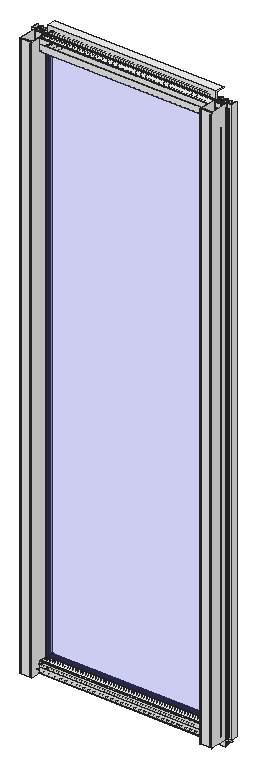
Revit family "Facade_60_Curtain_Wall_S11_Custom", category Windows, host Wall, Revit 2014 (continued)
Definition of nested family "F60 Vertical Profile Side_S11_Cust"
  Automatic sketch dimensions
    Extrusion 11 sketch curve to Extrusion 11 sketch curve = 1.079 mm
    Extrusion 11 sketch curve to Extrusion 11 sketch curve = 1.317 mm  (x2)
    Extrusion 11 sketch curve to Extrusion 11 sketch curve = 0 mm  (x3)
    plane 3 "Center (Left/Right)" to Extrusion 11 sketch curve = 3.85 mm
    Extrusion 11 sketch curve to Extrusion 11 sketch curve = 0.15 mm  (x2)
    Extrusion 11 sketch curve to Extrusion 11 sketch curve = 26 mm  (x2)
    Extrusion 11 sketch curve to Extrusion 11 sketch curve = 1.05 mm
    Extrusion 11 sketch curve to Extrusion 11 sketch curve = 0.707 mm
    Extrusion 11 sketch curve to Extrusion 11 sketch curve = 0.433 mm
    plane 1 "Center (Front/Back)" to Extrusion 11 sketch curve = 31.288 mm
    plane 1 "Center (Front/Back)" to Extrusion 11 sketch curve = 28.065 mm
    Extrusion 11 sketch curve to Extrusion 11 sketch curve = 1.314 mm
    Extrusion 11 sketch curve to Extrusion 11 sketch curve = 0.65 mm
    Extrusion 11 sketch curve to Extrusion 11 sketch curve = 0.5 mm  (x2)
    plane 1 "Center (Front/Back)" to Extrusion 11 sketch curve = 32.75 mm
    Extrusion 11 sketch curve to Extrusion 11 sketch curve = 0.1 mm  (x3)
    Extrusion 11 sketch curve to Extrusion 11 sketch curve = 1.1 mm  (x2)
    Extrusion 11 sketch curve to Extrusion 11 sketch curve = 8.608 mm
    Extrusion 11 sketch curve to Extrusion 11 sketch curve = 0.962 mm
    Extrusion 12 sketch curve to plane 3 "Center (Left/Right)" = 21.349 mm
    Extrusion 12 sketch curve to Extrusion 12 sketch curve = 6.35 mm
    plane 3 "Center (Left/Right)" to Extrusion 12 sketch curve = 10.403 mm
    plane 1 "Center (Front/Back)" to Extrusion 12 sketch curve = 35.567 mm
    plane 1 "Center (Front/Back)" to Extrusion 12 sketch curve = 10.171 mm
    plane 1 "Center (Front/Back)" to Extrusion 12 sketch curve = 3.821 mm
    Extrusion 13 sketch curve to plane 3 "Center (Left/Right)" = 21.35 mm
    Extrusion 13 sketch curve to Extrusion 13 sketch curve = 6.35 mm
    plane 3 "Center (Left/Right)" to Extrusion 13 sketch curve = 10.402 mm
    plane 1 "Center (Front/Back)" to Extrusion 13 sketch curve = 33.172 mm
    plane 1 "Center (Front/Back)" to Extrusion 13 sketch curve = 7.775 mm
    plane 1 "Center (Front/Back)" to Extrusion 13 sketch curve = 1.425 mm
    Extrusion 14 sketch curve to plane 3 "Center (Left/Right)" = 0 mm
    plane 3 "Center (Left/Right)" to Extrusion 14 sketch curve = 1.2 mm
    Extrusion 14 sketch curve to Extrusion 14 sketch curve = 9.6 mm
    Extrusion 14 sketch curve to Extrusion 14 sketch curve = 1.2 mm  (x3)
    plane 1 "Center (Front/Back)" to Extrusion 14 sketch curve = 25.775 mm
    plane 1 "Center (Front/Back)" to Extrusion 14 sketch curve = 8.975 mm
    curve 4 to Extrusion 6 = 0 mm
    curve 3 to Extrusion 6 = 0 mm
    curve 1 to Extrusion 6 = 0 mm
    curve 4 to Extrusion 6 = 3.6 mm
    curve 3 to Extrusion 6 = 3.6 mm
    curve 1 to Extrusion 6 = 3.6 mm
    Extrusion 6 to curve 2 = 1 mm
    Extrusion 6 to curve 5 = 1 mm
    Extrusion 6 to curve 6 = 1 mm
    curve 6 to Extrusion 6 = 1 mm
    curve 5 to Extrusion 6 = 1 mm
    curve 2 to Extrusion 6 = 1 mm
    curve 9 to Extrusion 6 = 0 mm
    curve 8 to Extrusion 6 = 0 mm
    curve 7 to Extrusion 6 = 0 mm
    Extrusion 6 to curve 8 = 3.6 mm
    Extrusion 6 to curve 9 = 3.6 mm
    Extrusion 6 to curve 7 = 3.6 mm
    curve 12 to Extrusion 5 = 25.894 mm
    curve 11 to Extrusion 5 = 25.894 mm
    curve 10 to Extrusion 5 = 25.894 mm
    curve 10 to Extrusion 5 = 0.108 mm
    Extrusion 5 to curve 12 = 0.703 mm
    Extrusion 5 to curve 11 = 0.703 mm
    curve 13 to Extrusion 5 = 4 mm
    curve 14 to Extrusion 5 = 4 mm
    curve 15 to Extrusion 5 = 4 mm
    Extrusion 5 to curve 15 = 0.702 mm
    Extrusion 5 to curve 14 = 0.702 mm
    Extrusion 5 to curve 13 = 0.702 mm
    curve 18 to Extrusion 7 = 0 mm
    curve 17 to Extrusion 7 = 0 mm
    curve 16 to Extrusion 7 = 0 mm
    Extrusion 7 to curve 17 = 3.6 mm
    Extrusion 7 to curve 18 = 3.6 mm
    Extrusion 7 to curve 16 = 3.6 mm
    Extrusion 7 to curve 21 = 1 mm  (x2)
    Extrusion 7 to curve 20 = 1 mm  (x2)
    Extrusion 7 to curve 19 = 1 mm  (x2)
    curve 24 to Extrusion 7 = 0 mm
    curve 23 to Extrusion 7 = 0 mm
    curve 22 to Extrusion 7 = 0 mm
    curve 24 to Extrusion 7 = 3.6 mm
    curve 23 to Extrusion 7 = 3.6 mm
    curve 22 to Extrusion 7 = 3.6 mm
    curve 27 to Extrusion 8 = 0 mm
    curve 26 to Extrusion 8 = 0 mm
    curve 25 to Extrusion 8 = 0 mm
    Extrusion 8 to curve 26 = 3.6 mm
    Extrusion 8 to curve 27 = 3.6 mm
    Extrusion 8 to curve 25 = 3.6 mm
    Extrusion 8 to curve 30 = 0.221 mm
    Extrusion 8 to curve 29 = 0.221 mm
    Extrusion 8 to curve 28 = 0.221 mm
    curve 29 to Extrusion 8 = 0.222 mm
    curve 30 to Extrusion 8 = 0.222 mm
    curve 28 to Extrusion 8 = 0.222 mm
    curve 33 to Extrusion 8 = 0 mm
    curve 32 to Extrusion 8 = 0 mm
    curve 31 to Extrusion 8 = 0 mm
    curve 33 to Extrusion 8 = 3.6 mm
    curve 32 to Extrusion 8 = 3.6 mm
    curve 31 to Extrusion 8 = 3.6 mm
    curve 34 to Extrusion 11 = 4.016 mm
    curve 35 to Extrusion 11 = 4.016 mm
    curve 36 to Extrusion 11 = 3.97 mm
    Extrusion 11 to curve 36 = 0.637 mm
    Extrusion 11 to curve 35 = 0.637 mm
    Extrusion 11 to curve 34 = 0.637 mm
    curve 37 to Extrusion 11 = 29.221 mm
    curve 38 to Extrusion 11 = 29.221 mm
    curve 39 to Extrusion 11 = 29.221 mm
    Extrusion 11 to curve 39 = 3.222 mm
    Extrusion 11 to curve 38 = 3.222 mm
    Extrusion 11 to curve 37 = 3.222 mm
Definition of nested family "F60 Horizontal Profile Top_S11_Cust"
  Parameters (values of type "F60 Horizontal Profile Top")
    Thermal Break Material [instance] = none
    Single Glazing [instance] = yes
    Profile Material [instance] = none
    Length [instance] = 250 mm
    Double Glazing [instance] = yes
  Reference planes
    plane 1 "Center (Front/Back)": y = 0
    plane 2: z = 0
    plane 3 "Center (Left/Right)": x = 0
  Forms (mm)
    Extrusion 1, solid, material <- "Profile Material"
      sketch origin (0, 0, 0) x (0, 1, 0) y (0, 0, 1)
        loop
          line (-9.94, 7.845) -> (-8.37, 6.275) -> (-1.2, 10.415) -> (-1.2, 1.2) -> (-5, 1.2) -> (-5, 0) -> (-1, 0)
          arc (-1, 0) -> (-0.293, 0.293) -> (0, 1) r 1
          line (0, 1) -> (0, 30) -> (0, 59)
          arc (0, 59) -> (-0.293, 59.707) -> (-1, 60) r 1
          line (-1, 60) -> (-5, 60) -> (-5, 58.8) -> (-1.2, 58.8) -> (-1.2, 49.585) -> (-8.37, 53.725) -> (-9.94, 52.155)
          arc (-9.94, 52.155) -> (-9.902, 51.269) -> (-9.016, 51.232) r 0.655
          line (-9.016, 51.232) -> (-8.077, 52.17) -> (-1.2, 48.2) -> (-1.2, 30) -> (-1.2, 11.8) -> (-8.077, 7.83) -> (-9.016, 8.768)
          arc (-9.016, 8.768) -> (-9.902, 8.731) -> (-9.94, 7.845) r 0.655
      from 0 to 250 <- "Length"
    Extrusion 2, solid, material <- "Profile Material"
      sketch origin (0, 0, 0) x (0, 1, 0) y (0, 0, 1)
        loop
          line (-5, 60) -> (-44.6, 60) -> (-44.6, 58.35) -> (-39.944, 58.35) -> (-39.944, 1.65) -> (-44.6, 1.65) -> (-44.6, 0) -> (-5, 0) -> (-5, 2.2) -> (-4.2, 2.2) -> (-4.2, 3.018)
          arc (-4.2, 3.018) -> (-4.352, 3.783) -> (-4.786, 4.432) r 2
          line (-4.786, 4.432) -> (-7.054, 6.7) -> (-8, 6.489) -> (-8, 5.7) -> (-7.205, 5.7) -> (-7.205, 2.95) -> (-8, 2.95) -> (-8, 1.95) -> (-12.752, 1.95) -> (-12.752, 6.7) -> (-14.152, 6.7) -> (-14.152, 1.65) -> (-38.65, 1.65) -> (-38.65, 8.33) -> (-37.097, 8.33) -> (-34.666, 6.973)
          arc (-34.666, 6.973) -> (-33.846, 7.192) -> (-34.066, 8.012) r 0.6
          line (-34.066, 8.012) -> (-37.128, 9.78) -> (-38.65, 9.78) -> (-38.65, 12.65) -> (-37.6, 13.7) -> (-37.6, 20.3) -> (-38.65, 21.35) -> (-38.65, 38.65) -> (-37.6, 39.7) -> (-37.6, 46.3) -> (-38.65, 47.35) -> (-38.65, 50.22) -> (-37.128, 50.22) -> (-34.066, 51.988)
          arc (-34.066, 51.988) -> (-33.846, 52.808) -> (-34.666, 53.027) r 0.6
          line (-34.666, 53.027) -> (-37.032, 51.661) -> (-38.65, 51.661) -> (-38.65, 58.35) -> (-14.152, 58.35) -> (-14.152, 53.3) -> (-12.752, 53.3) -> (-12.752, 58.05) -> (-8, 58.05) -> (-8, 57.05) -> (-7.205, 57.05) -> (-7.205, 54.3) -> (-8, 54.3) -> (-8, 53.511) -> (-7.054, 53.3) -> (-4.786, 55.568)
          arc (-4.786, 55.568) -> (-4.352, 56.217) -> (-4.2, 56.982) r 2
          line (-4.2, 56.982) -> (-4.2, 57.8) -> (-5, 57.8) -> (-5, 60)
      from 0 to 250 <- "Length"
    Extrusion 3, solid, material <- "Thermal Break Material"
      sketch origin (0, 0, 0) x (0, 1, 0) y (0, 0, 1)
        loop
          line (-40, 1.75) -> (-40, 30) -> (-40, 58.25) -> (-44.6, 58.25) -> (-44.6, 60) -> (-45.9, 60) -> (-45.9, 53.65) -> (-41.788, 53.65)
          arc (-41.788, 53.65) -> (-41.363, 53.474) -> (-41.187, 53.05) r 0.6
          line (-41.187, 53.05) -> (-41.187, 30) -> (-41.187, 6.95)
          arc (-41.187, 6.95) -> (-41.363, 6.526) -> (-41.788, 6.35) r 0.6
          line (-41.788, 6.35) -> (-45.9, 6.35) -> (-45.9, 0) -> (-44.6, 0) -> (-44.6, 1.75) -> (-40, 1.75)
      from 0 to 250 <- "Length"
    Extrusion 4, solid, material <- "Profile Material"
      sketch origin (0, 0, 0) x (0, 1, 0) y (0, 0, 1)
        loop
          line (-58.5, 25.249) -> (-43.6, 25.249)
          arc (-43.6, 25.249) -> (-43.034, 25.015) -> (-42.8, 24.449) r 0.8
          line (-42.8, 24.449) -> (-42.8, 7.9) -> (-44.4, 7.9) -> (-44.4, 9.45) -> (-45.25, 9.45)
          arc (-45.25, 9.45) -> (-45.674, 9.274) -> (-45.85, 8.85) r 0.6
          line (-45.85, 8.85) -> (-45.85, 7.9) -> (-48.8, 7.9)
          arc (-48.8, 7.9) -> (-49.3, 8.4) -> (-49.8, 7.9) r 0.5
          line (-49.8, 7.9) -> (-49.8, 5.55) -> (-48.65, 5.55) -> (-48.65, 6.7) -> (-47.35, 6.7) -> (-47.35, 1.2) -> (-48.65, 1.2) -> (-48.65, 2.35) -> (-49.8, 2.35) -> (-49.8, 0.5)
          arc (-49.8, 0.5) -> (-49.654, 0.146) -> (-49.3, 0) r 0.5
          line (-49.3, 0) -> (-45.9, 0) -> (-45.9, 6.45) -> (-42.2, 6.45)
          arc (-42.2, 6.45) -> (-41.634, 6.684) -> (-41.4, 7.25) r 0.8
          line (-41.4, 7.25) -> (-41.4, 30) -> (-41.4, 52.75)
          arc (-41.4, 52.75) -> (-41.634, 53.316) -> (-42.2, 53.55) r 0.8
          line (-42.2, 53.55) -> (-45.9, 53.55) -> (-45.9, 60) -> (-49.3, 60)
          arc (-49.3, 60) -> (-49.654, 59.854) -> (-49.8, 59.5) r 0.5
          line (-49.8, 59.5) -> (-49.8, 57.65) -> (-48.65, 57.65) -> (-48.65, 58.8) -> (-47.35, 58.8) -> (-47.35, 53.3) -> (-48.65, 53.3) -> (-48.65, 54.45) -> (-49.8, 54.45) -> (-49.8, 52.1)
          arc (-49.8, 52.1) -> (-49.3, 51.6) -> (-48.8, 52.1) r 0.5
          line (-48.8, 52.1) -> (-45.85, 52.1) -> (-45.85, 51.15)
          arc (-45.85, 51.15) -> (-45.674, 50.726) -> (-45.25, 50.55) r 0.6
          line (-45.25, 50.55) -> (-44.4, 50.55) -> (-44.4, 52.1) -> (-42.8, 52.1) -> (-42.8, 35.551)
          arc (-42.8, 35.551) -> (-43.034, 34.985) -> (-43.6, 34.751) r 0.8
          line (-43.6, 34.751) -> (-58.5, 34.751)
          arc (-58.5, 34.751) -> (-59.066, 34.516) -> (-59.3, 33.951) r 0.8
          line (-59.3, 33.951) -> (-59.3, 32.902) -> (-42.8, 32.902) -> (-42.8, 27.1) -> (-59.3, 27.1) -> (-59.3, 26.049)
          arc (-59.3, 26.049) -> (-59.066, 25.484) -> (-58.5, 25.249) r 0.8
      from 0 to 250 <- "Length"
    Extrusion 5, solid, material <- "Thermal Break Material", visible <- "Single Glazing"
      sketch origin (0, 0, 0) x (0, 1, 0) y (0, 0, 1)
        loop
          arc (-63.8, 25.751) -> (-63.654, 25.397) -> (-63.3, 25.251) r 0.5
          line (-63.3, 25.251) -> (-59.8, 25.251)
          arc (-59.8, 25.251) -> (-59.446, 25.397) -> (-59.3, 25.751) r 0.5
          line (-59.3, 25.751) -> (-59.3, 27.648) -> (-49.599, 27.648) -> (-47.528, 28.651)
          arc (-47.528, 28.651) -> (-46.803, 30.001) -> (-47.528, 31.351) r 1.62
          line (-47.528, 31.351) -> (-49.599, 32.353) -> (-59.3, 32.353) -> (-59.3, 34.251)
          arc (-59.3, 34.251) -> (-59.446, 34.604) -> (-59.8, 34.751) r 0.5
          line (-59.8, 34.751) -> (-63.3, 34.751)
          arc (-63.3, 34.751) -> (-63.654, 34.604) -> (-63.8, 34.251) r 0.5
          line (-63.8, 34.251) -> (-63.8, 32.328) -> (-62.4, 31.52) -> (-62.4, 28.483) -> (-63.8, 27.673) -> (-63.8, 25.751)
        loop
          line (-59.794, 28.506) -> (-59.006, 29.294)
          arc (-59.006, 29.294) -> (-58.788, 29.618) -> (-58.713, 30.001) r 0.986
          arc (-58.713, 30.001) -> (-58.79, 30.384) -> (-59.008, 30.71) r 1.007
          line (-59.008, 30.71) -> (-59.794, 31.496) -> (-60.65, 31.496)
          arc (-60.65, 31.496) -> (-61.004, 31.349) -> (-61.15, 30.996) r 0.5
          line (-61.15, 30.996) -> (-61.15, 29.006)
          arc (-61.15, 29.006) -> (-61.004, 28.652) -> (-60.65, 28.506) r 0.5
          line (-60.65, 28.506) -> (-59.794, 28.506)
        loop
          line (-47.854, 30.898) -> (-49.415, 31.653) -> (-56.782, 31.653)
          arc (-56.782, 31.653) -> (-57.207, 31.417) -> (-57.23, 30.932) r 0.5
          arc (-57.23, 30.932) -> (-57.013, 30.001) -> (-57.23, 29.07) r 2.099
          arc (-57.23, 29.07) -> (-57.207, 28.584) -> (-56.782, 28.348) r 0.5
          line (-56.782, 28.348) -> (-49.415, 28.348) -> (-48.055, 29.007)
          arc (-48.055, 29.007) -> (-47.35, 29.888) -> (-47.854, 30.898) r 1.047
      from 0 to 250 <- "Length"
    Extrusion 6, solid, material <- "Profile Material", visible <- "Single Glazing"
      sketch origin (0, 0, 0) x (0, 1, 0) y (0, 0, 1)
        loop
          line (-63.8, 52.694) -> (-64.8, 52.694) -> (-64.8, 51.544) -> (-66.05, 51.544) -> (-66.05, 57.044) -> (-64.8, 57.044) -> (-64.8, 55.894) -> (-63.8, 55.894) -> (-63.8, 58.294)
          arc (-63.8, 58.294) -> (-64.082, 58.803) -> (-64.664, 58.835) r 0.6
          line (-64.664, 58.835) -> (-66.562, 57.91) -> (-67.088, 58.988) -> (-68.05, 58.519) -> (-68.05, 48.513)
          arc (-68.05, 48.513) -> (-67.874, 48.089) -> (-67.45, 47.913) r 0.6
          line (-67.45, 47.913) -> (-66.6, 47.913) -> (-66.6, 12.09) -> (-67.45, 12.09)
          arc (-67.45, 12.09) -> (-67.874, 11.914) -> (-68.05, 11.49) r 0.6
          line (-68.05, 11.49) -> (-68.05, 1.485) -> (-67.088, 1.016) -> (-66.562, 2.095) -> (-64.663, 1.169)
          arc (-64.663, 1.169) -> (-64.082, 1.2) -> (-63.8, 1.709) r 0.6
          line (-63.8, 1.709) -> (-63.8, 4.109) -> (-64.8, 4.109) -> (-64.8, 2.959) -> (-66.05, 2.959) -> (-66.05, 8.459) -> (-64.8, 8.459) -> (-64.8, 7.309) -> (-63.8, 7.309) -> (-63.8, 27.674) -> (-62.4, 28.483) -> (-62.4, 31.521) -> (-63.8, 32.329) -> (-63.8, 52.694)
      from 0 to 250 <- "Length"
    Extrusion 7, solid, material <- "Profile Material", visible <- "Single Glazing"
      sketch origin (0, 0, 0) x (0, 1, 0) y (0, 0, 1)
        loop
          line (-68.551, 3.3) -> (-76.559, 3.3) -> (-76.559, 30) -> (-76.559, 56.15)
          arc (-76.559, 56.15) -> (-75.739, 58.13) -> (-73.759, 58.95) r 2.8
          line (-73.759, 58.95) -> (-69.151, 58.95) -> (-69.151, 57.2)
          arc (-69.151, 57.2) -> (-68.987, 56.829) -> (-68.601, 56.703) r 0.5
          arc (-68.601, 56.703) -> (-68.216, 56.829) -> (-68.051, 57.2) r 0.5
          line (-68.051, 57.2) -> (-68.051, 58.517) -> (-67.089, 58.986) -> (-66.563, 57.907) -> (-63.866, 59.222)
          arc (-63.866, 59.222) -> (-64.001, 59.762) -> (-64.504, 60) r 0.65
          line (-64.504, 60) -> (-73.859, 60)
          arc (-73.859, 60) -> (-76.687, 58.828) -> (-77.859, 56) r 4
          line (-77.859, 56) -> (-77.859, 30) -> (-77.859, 2.493)
          arc (-77.859, 2.493) -> (-77.197, 0.799) -> (-75.562, 0.002) r 2.5
          arc (-75.562, 0.002) -> (-75.182, 0.132) -> (-75.021, 0.5) r 0.5
          line (-75.021, 0.5) -> (-75.021, 2) -> (-69.151, 2) -> (-69.151, 0.5)
          arc (-69.151, 0.5) -> (-69.005, 0.146) -> (-68.651, 0) r 0.5
          line (-68.651, 0) -> (-64.504, 0)
          arc (-64.504, 0) -> (-64.001, 0.238) -> (-63.866, 0.778) r 0.65
          line (-63.866, 0.778) -> (-66.563, 2.093) -> (-67.089, 1.014) -> (-68.051, 1.483) -> (-68.051, 2.8)
          arc (-68.051, 2.8) -> (-68.198, 3.154) -> (-68.551, 3.3) r 0.5
      from 0 to 250 <- "Length"
    Extrusion 8, solid, material <- "Thermal Break Material", visible <- "Double Glazing"
      sketch origin (0, 0, 0) x (0, 1, 0) y (0, 0, 1)
        loop
          line (-77.8, 27.673) -> (-77.8, 25.751)
          arc (-77.8, 25.751) -> (-77.654, 25.397) -> (-77.3, 25.251) r 0.5
          line (-77.3, 25.251) -> (-59.8, 25.251)
          arc (-59.8, 25.251) -> (-59.446, 25.397) -> (-59.3, 25.751) r 0.5
          line (-59.3, 25.751) -> (-59.3, 27.647) -> (-49.599, 27.647) -> (-47.528, 28.649)
          arc (-47.528, 28.649) -> (-46.803, 29.999) -> (-47.528, 31.349) r 1.62
          line (-47.528, 31.349) -> (-49.602, 32.353) -> (-59.3, 32.353) -> (-59.3, 34.251)
          arc (-59.3, 34.251) -> (-59.446, 34.604) -> (-59.8, 34.751) r 0.5
          line (-59.8, 34.751) -> (-77.3, 34.751)
          arc (-77.3, 34.751) -> (-77.654, 34.604) -> (-77.8, 34.251) r 0.5
          line (-77.8, 34.251) -> (-77.8, 32.327) -> (-76.4, 31.52) -> (-76.4, 28.482) -> (-77.8, 27.673)
        loop
          line (-59.006, 30.708) -> (-61.156, 32.858)
          arc (-61.156, 32.858) -> (-61.48, 33.074) -> (-61.863, 33.151) r 1
          line (-61.863, 33.151) -> (-73.8, 33.151)
          arc (-73.8, 33.151) -> (-74.507, 32.858) -> (-74.8, 32.151) r 1
          line (-74.8, 32.151) -> (-74.8, 27.851)
          arc (-74.8, 27.851) -> (-74.507, 27.144) -> (-73.8, 26.851) r 1
          line (-73.8, 26.851) -> (-61.863, 26.851)
          arc (-61.863, 26.851) -> (-61.48, 26.927) -> (-61.156, 27.144) r 1
          line (-61.156, 27.144) -> (-59.006, 29.294)
          arc (-59.006, 29.294) -> (-58.788, 29.618) -> (-58.713, 30.001) r 0.986
          arc (-58.713, 30.001) -> (-58.79, 30.383) -> (-59.006, 30.708) r 1.007
        loop
          line (-56.782, 28.347) -> (-49.415, 28.347) -> (-48.055, 29.005)
          arc (-48.055, 29.005) -> (-47.35, 29.887) -> (-47.854, 30.896) r 1.047
          line (-47.854, 30.896) -> (-49.415, 31.652) -> (-56.782, 31.652)
          arc (-56.782, 31.652) -> (-57.207, 31.416) -> (-57.23, 30.93) r 0.5
          arc (-57.23, 30.93) -> (-57.013, 29.999) -> (-57.23, 29.068) r 2.099
          arc (-57.23, 29.068) -> (-57.207, 28.583) -> (-56.782, 28.347) r 0.5
      from 0 to 250 <- "Length"
    Extrusion 9, solid, material <- "Profile Material", visible <- "Double Glazing"
      sketch origin (0, 0, 0) x (0, 1, 0) y (0, 0, 1)
        loop
          line (-77.8, 52.694) -> (-78.8, 52.694) -> (-78.8, 51.544) -> (-80.05, 51.544) -> (-80.05, 57.044) -> (-78.8, 57.044) -> (-78.8, 55.894) -> (-77.8, 55.894) -> (-77.8, 58.294)
          arc (-77.8, 58.294) -> (-78.082, 58.802) -> (-78.664, 58.834) r 0.6
          line (-78.664, 58.834) -> (-80.562, 57.909) -> (-81.088, 58.988) -> (-82.05, 58.518) -> (-82.05, 48.512)
          arc (-82.05, 48.512) -> (-81.874, 48.088) -> (-81.45, 47.912) r 0.6
          line (-81.45, 47.912) -> (-80.6, 47.912) -> (-80.6, 12.089) -> (-81.45, 12.089)
          arc (-81.45, 12.089) -> (-81.874, 11.913) -> (-82.05, 11.489) r 0.6
          line (-82.05, 11.489) -> (-82.05, 1.484) -> (-81.088, 1.015) -> (-80.562, 2.094) -> (-78.663, 1.169)
          arc (-78.663, 1.169) -> (-78.082, 1.199) -> (-77.8, 1.708) r 0.6
          line (-77.8, 1.708) -> (-77.8, 4.108) -> (-78.8, 4.108) -> (-78.8, 2.958) -> (-80.05, 2.958) -> (-80.05, 8.458) -> (-78.8, 8.458) -> (-78.8, 7.308) -> (-77.8, 7.308) -> (-77.8, 27.673) -> (-76.4, 28.482) -> (-76.4, 31.52) -> (-77.8, 32.328) -> (-77.8, 52.694)
      from 0 to 250 <- "Length"
    Extrusion 10, solid, material <- "Profile Material", visible <- "Double Glazing"
      sketch origin (0, 0, 0) x (0, 1, 0) y (0, 0, 1)
        loop
          line (-82.551, 3.3) -> (-90.558, 3.3) -> (-90.558, 30) -> (-90.558, 56.15)
          arc (-90.558, 56.15) -> (-89.738, 58.13) -> (-87.758, 58.95) r 2.8
          line (-87.758, 58.95) -> (-83.151, 58.95) -> (-83.151, 57.2)
          arc (-83.151, 57.2) -> (-82.986, 56.829) -> (-82.601, 56.703) r 0.5
          arc (-82.601, 56.703) -> (-82.215, 56.829) -> (-82.051, 57.2) r 0.5
          line (-82.051, 57.2) -> (-82.051, 58.517) -> (-81.088, 58.986) -> (-80.563, 57.907) -> (-77.866, 59.222)
          arc (-77.866, 59.222) -> (-78, 59.762) -> (-78.503, 60) r 0.65
          line (-78.503, 60) -> (-87.858, 60)
          arc (-87.858, 60) -> (-90.687, 58.828) -> (-91.858, 56) r 4
          line (-91.858, 56) -> (-91.858, 30) -> (-91.858, 2.493)
          arc (-91.858, 2.493) -> (-91.196, 0.799) -> (-89.561, 0.002) r 2.5
          arc (-89.561, 0.002) -> (-89.182, 0.132) -> (-89.021, 0.5) r 0.5
          line (-89.021, 0.5) -> (-89.021, 2) -> (-83.151, 2) -> (-83.151, 0.5)
          arc (-83.151, 0.5) -> (-83.004, 0.146) -> (-82.651, 0) r 0.5
          line (-82.651, 0) -> (-78.503, 0)
          arc (-78.503, 0) -> (-78, 0.238) -> (-77.866, 0.778) r 0.65
          line (-77.866, 0.778) -> (-80.563, 2.093) -> (-81.088, 1.014) -> (-82.051, 1.483) -> (-82.051, 2.8)
          arc (-82.051, 2.8) -> (-82.197, 3.154) -> (-82.551, 3.3) r 0.5
      from 0 to 250 <- "Length"
    Extrusion 11, solid, material <- "Profile Material", visible <- "Double Glazing"
      sketch origin (0, 0, 0) x (0, 1, 0) y (0, 0, 1)
        loop
          line (-57.8, 45.73) -> (-51.8, 45.73) -> (-51.8, 95.73) -> (-101.8, 95.73) -> (-101.8, 89.73) -> (-57.8, 89.73) -> (-57.8, 45.73)
      from 0 to 250 <- "Length"
    Extrusion 12, solid, material <- "Profile Material", visible <- "Double Glazing"
      sketch origin (0, 0, 0) x (0, 1, 0) y (0, 0, 1)
        loop
          line (-75.8, 48) -> (-57.8, 48) -> (-57.8, 60) -> (-75.8, 60) -> (-75.8, 48)
        loop
          line (-74.6, 49.2) -> (-59, 49.2) -> (-59, 58.8) -> (-74.6, 58.8) -> (-74.6, 49.2)
      from 0 to 250 <- "Length"
    Extrusion 13, solid, material <- "Profile Material", visible <- "Single Glazing"
      sketch origin (0, 0, 0) x (0, 1, 0) y (0, 0, 1)
        loop
          line (-59.8, 45.865) -> (-53.8, 45.865) -> (-53.8, 95.865) -> (-103.8, 95.865) -> (-103.8, 89.865) -> (-59.8, 89.865) -> (-59.8, 45.865)
      from 0 to 250 <- "Length"
  Dimensions and locks
    aligned and locked: level to plane 2
Definition of nested family "F60 Sill_S11_Cust"
  Parameters (values of type "F60 Sill")
    Profile Material [instance] = none
    Length Sill [instance] = 250 mm
  Reference planes
    plane 1 "Center (Front/Back)": y = 0
    plane 2: z = 0
    plane 3 "Center (Left/Right)": x = 0
  Forms (mm)
    Extrusion 1, solid, material <- "Profile Material"
      sketch origin (0, 0, 0) x (0, 1, 0) y (0, 0, 1)
        loop
          line (-42.734, 5.324) -> (-48.256, 4.643)
          arc (-48.256, 4.643) -> (-49.196, 4.147) -> (-49.572, 3.154) r 1.5
          line (-49.572, 3.154) -> (-49.572, 1.88) -> (-47.772, 1.88) -> (-47.772, 3.191) -> (-19.233, 6.714)
          arc (-19.233, 6.714) -> (-17.924, 7.083) -> (-16.785, 7.826) r 4.5
          line (-16.785, 7.826) -> (-16.785, 1.88) -> (-15.285, 1.88) -> (-15.285, 24.58)
          arc (-15.285, 24.58) -> (-15.109, 25.004) -> (-14.685, 25.18) r 0.6
          line (-14.685, 25.18) -> (-4.072, 25.18) -> (-4.072, 1.88) -> (-2.572, 1.88) -> (-2.572, 29.88) -> (-4.072, 29.88) -> (-4.072, 28.88) -> (-5.222, 28.88) -> (-5.222, 27.68) -> (-4.072, 27.68) -> (-4.072, 26.38) -> (-9.572, 26.38) -> (-9.572, 27.68) -> (-8.422, 27.68) -> (-8.422, 28.88) -> (-10.172, 28.88)
          arc (-10.172, 28.88) -> (-10.597, 28.704) -> (-10.772, 28.28) r 0.6
          line (-10.772, 28.28) -> (-10.772, 26.38) -> (-15.285, 26.38)
          arc (-15.285, 26.38) -> (-16.345, 25.941) -> (-16.785, 24.88) r 1.5
          line (-16.785, 24.88) -> (-16.785, 11.18)
          arc (-16.785, 11.18) -> (-17.537, 9.193) -> (-19.417, 8.203) r 3
          line (-19.417, 8.203) -> (-39.35, 5.742)
          arc (-39.35, 5.742) -> (-40.527, 6.107) -> (-41.034, 7.231) r 1.5
          line (-41.034, 7.231) -> (-41.034, 19.996)
          arc (-41.034, 19.996) -> (-40.883, 20.394) -> (-40.507, 20.592) r 0.6
          line (-40.507, 20.592) -> (-32.917, 21.529)
          arc (-32.917, 21.529) -> (-31.977, 22.024) -> (-31.601, 23.017) r 1.5
          line (-31.601, 23.017) -> (-31.601, 28.88) -> (-33.101, 28.88) -> (-33.101, 23.548)
          arc (-33.101, 23.548) -> (-33.251, 23.15) -> (-33.627, 22.952) r 0.6
          line (-33.627, 22.952) -> (-45.787, 21.451)
          arc (-45.787, 21.451) -> (-46.727, 20.956) -> (-47.104, 19.962) r 1.5
          line (-47.104, 19.962) -> (-47.104, 19.054)
          arc (-47.104, 19.054) -> (-46.957, 18.7) -> (-46.604, 18.554) r 0.5
          line (-46.604, 18.554) -> (-45.604, 18.554) -> (-45.604, 19.962) -> (-42.734, 20.317) -> (-42.734, 5.324)
      from 0 to 250 <- "Length Sill"
  Dimensions and locks
    aligned and locked: level to plane 2
Definition of nested family "F60 Horizontal Profile Bottom_S11_Cust"
  Parameters (values of type "F60 Horizontal Profile Bottom")
    Thermal Break Material [instance] = none
    Single Glazing [instance] = yes
    Profile Material [instance] = none
    Length [instance] = 250 mm
    Double Glazing [instance] = yes
  Reference planes
    plane 1 "Center (Front/Back)": y = 0
    plane 2: z = 0
    plane 3 "Center (Left/Right)": x = 0
  Forms (mm)
    Extrusion 1, solid, material <- "Profile Material"
      sketch origin (0, 0, 0) x (0, 1, 0) y (0, 0, 1)
        loop
          line (-9.94, 7.845) -> (-8.37, 6.275) -> (-1.2, 10.415) -> (-1.2, 1.2) -> (-5, 1.2) -> (-5, 0) -> (-1, 0)
          arc (-1, 0) -> (-0.293, 0.293) -> (0, 1) r 1
          line (0, 1) -> (0, 30) -> (0, 59)
          arc (0, 59) -> (-0.293, 59.707) -> (-1, 60) r 1
          line (-1, 60) -> (-5, 60) -> (-5, 58.8) -> (-1.2, 58.8) -> (-1.2, 49.585) -> (-8.37, 53.725) -> (-9.94, 52.155)
          arc (-9.94, 52.155) -> (-9.902, 51.269) -> (-9.016, 51.232) r 0.655
          line (-9.016, 51.232) -> (-8.077, 52.17) -> (-1.2, 48.2) -> (-1.2, 30) -> (-1.2, 11.8) -> (-8.077, 7.83) -> (-9.016, 8.768)
          arc (-9.016, 8.768) -> (-9.902, 8.731) -> (-9.94, 7.845) r 0.655
      from 0 to 250 <- "Length"
    Extrusion 2, solid, material <- "Profile Material"
      sketch origin (0, 0, 0) x (0, 1, 0) y (0, 0, 1)
        loop
          line (-5, 60) -> (-44.6, 60) -> (-44.6, 58.35) -> (-39.944, 58.35) -> (-39.944, 1.65) -> (-44.6, 1.65) -> (-44.6, 0) -> (-5, 0) -> (-5, 2.2) -> (-4.2, 2.2) -> (-4.2, 3.018)
          arc (-4.2, 3.018) -> (-4.352, 3.783) -> (-4.786, 4.432) r 2
          line (-4.786, 4.432) -> (-7.054, 6.7) -> (-8, 6.489) -> (-8, 5.7) -> (-7.205, 5.7) -> (-7.205, 2.95) -> (-8, 2.95) -> (-8, 1.95) -> (-12.752, 1.95) -> (-12.752, 6.7) -> (-14.152, 6.7) -> (-14.152, 1.65) -> (-38.65, 1.65) -> (-38.65, 8.33) -> (-37.097, 8.33) -> (-34.666, 6.973)
          arc (-34.666, 6.973) -> (-33.846, 7.192) -> (-34.066, 8.012) r 0.6
          line (-34.066, 8.012) -> (-37.128, 9.78) -> (-38.65, 9.78) -> (-38.65, 12.65) -> (-37.6, 13.7) -> (-37.6, 20.3) -> (-38.65, 21.35) -> (-38.65, 38.65) -> (-37.6, 39.7) -> (-37.6, 46.3) -> (-38.65, 47.35) -> (-38.65, 50.22) -> (-37.128, 50.22) -> (-34.066, 51.988)
          arc (-34.066, 51.988) -> (-33.846, 52.808) -> (-34.666, 53.027) r 0.6
          line (-34.666, 53.027) -> (-37.032, 51.661) -> (-38.65, 51.661) -> (-38.65, 58.35) -> (-14.152, 58.35) -> (-14.152, 53.3) -> (-12.752, 53.3) -> (-12.752, 58.05) -> (-8, 58.05) -> (-8, 57.05) -> (-7.205, 57.05) -> (-7.205, 54.3) -> (-8, 54.3) -> (-8, 53.511) -> (-7.054, 53.3) -> (-4.786, 55.568)
          arc (-4.786, 55.568) -> (-4.352, 56.217) -> (-4.2, 56.982) r 2
          line (-4.2, 56.982) -> (-4.2, 57.8) -> (-5, 57.8) -> (-5, 60)
      from 0 to 250 <- "Length"
    Extrusion 3, solid, material <- "Thermal Break Material"
      sketch origin (0, 0, 0) x (0, 1, 0) y (0, 0, 1)
        loop
          line (-40, 1.75) -> (-40, 30) -> (-40, 58.25) -> (-44.6, 58.25) -> (-44.6, 60) -> (-45.9, 60) -> (-45.9, 53.65) -> (-41.788, 53.65)
          arc (-41.788, 53.65) -> (-41.363, 53.474) -> (-41.187, 53.05) r 0.6
          line (-41.187, 53.05) -> (-41.187, 30) -> (-41.187, 6.95)
          arc (-41.187, 6.95) -> (-41.363, 6.526) -> (-41.788, 6.35) r 0.6
          line (-41.788, 6.35) -> (-45.9, 6.35) -> (-45.9, 0) -> (-44.6, 0) -> (-44.6, 1.75) -> (-40, 1.75)
      from 0 to 250 <- "Length"
    Extrusion 4, solid, material <- "Profile Material"
      sketch origin (0, 0, 0) x (0, 1, 0) y (0, 0, 1)
        loop
          line (-58.5, 25.249) -> (-43.6, 25.249)
          arc (-43.6, 25.249) -> (-43.034, 25.015) -> (-42.8, 24.449) r 0.8
          line (-42.8, 24.449) -> (-42.8, 7.9) -> (-44.4, 7.9) -> (-44.4, 9.45) -> (-45.25, 9.45)
          arc (-45.25, 9.45) -> (-45.674, 9.274) -> (-45.85, 8.85) r 0.6
          line (-45.85, 8.85) -> (-45.85, 7.9) -> (-48.8, 7.9)
          arc (-48.8, 7.9) -> (-49.3, 8.4) -> (-49.8, 7.9) r 0.5
          line (-49.8, 7.9) -> (-49.8, 5.55) -> (-48.65, 5.55) -> (-48.65, 6.7) -> (-47.35, 6.7) -> (-47.35, 1.2) -> (-48.65, 1.2) -> (-48.65, 2.35) -> (-49.8, 2.35) -> (-49.8, 0.5)
          arc (-49.8, 0.5) -> (-49.654, 0.146) -> (-49.3, 0) r 0.5
          line (-49.3, 0) -> (-45.9, 0) -> (-45.9, 6.45) -> (-42.2, 6.45)
          arc (-42.2, 6.45) -> (-41.634, 6.684) -> (-41.4, 7.25) r 0.8
          line (-41.4, 7.25) -> (-41.4, 30) -> (-41.4, 52.75)
          arc (-41.4, 52.75) -> (-41.634, 53.316) -> (-42.2, 53.55) r 0.8
          line (-42.2, 53.55) -> (-45.9, 53.55) -> (-45.9, 60) -> (-49.3, 60)
          arc (-49.3, 60) -> (-49.654, 59.854) -> (-49.8, 59.5) r 0.5
          line (-49.8, 59.5) -> (-49.8, 57.65) -> (-48.65, 57.65) -> (-48.65, 58.8) -> (-47.35, 58.8) -> (-47.35, 53.3) -> (-48.65, 53.3) -> (-48.65, 54.45) -> (-49.8, 54.45) -> (-49.8, 52.1)
          arc (-49.8, 52.1) -> (-49.3, 51.6) -> (-48.8, 52.1) r 0.5
          line (-48.8, 52.1) -> (-45.85, 52.1) -> (-45.85, 51.15)
          arc (-45.85, 51.15) -> (-45.674, 50.726) -> (-45.25, 50.55) r 0.6
          line (-45.25, 50.55) -> (-44.4, 50.55) -> (-44.4, 52.1) -> (-42.8, 52.1) -> (-42.8, 35.551)
          arc (-42.8, 35.551) -> (-43.034, 34.985) -> (-43.6, 34.751) r 0.8
          line (-43.6, 34.751) -> (-58.5, 34.751)
          arc (-58.5, 34.751) -> (-59.066, 34.516) -> (-59.3, 33.951) r 0.8
          line (-59.3, 33.951) -> (-59.3, 32.902) -> (-42.8, 32.902) -> (-42.8, 27.1) -> (-59.3, 27.1) -> (-59.3, 26.049)
          arc (-59.3, 26.049) -> (-59.066, 25.484) -> (-58.5, 25.249) r 0.8
      from 0 to 250 <- "Length"
    Extrusion 5, solid, material <- "Thermal Break Material", visible <- "Single Glazing"
      sketch origin (0, 0, 0) x (0, 1, 0) y (0, 0, 1)
        loop
          arc (-63.8, 25.751) -> (-63.654, 25.397) -> (-63.3, 25.251) r 0.5
          line (-63.3, 25.251) -> (-59.8, 25.251)
          arc (-59.8, 25.251) -> (-59.446, 25.397) -> (-59.3, 25.751) r 0.5
          line (-59.3, 25.751) -> (-59.3, 27.648) -> (-49.599, 27.648) -> (-47.528, 28.651)
          arc (-47.528, 28.651) -> (-46.803, 30.001) -> (-47.528, 31.351) r 1.62
          line (-47.528, 31.351) -> (-49.599, 32.353) -> (-59.3, 32.353) -> (-59.3, 34.251)
          arc (-59.3, 34.251) -> (-59.446, 34.604) -> (-59.8, 34.751) r 0.5
          line (-59.8, 34.751) -> (-63.3, 34.751)
          arc (-63.3, 34.751) -> (-63.654, 34.604) -> (-63.8, 34.251) r 0.5
          line (-63.8, 34.251) -> (-63.8, 32.328) -> (-62.4, 31.52) -> (-62.4, 28.483) -> (-63.8, 27.673) -> (-63.8, 25.751)
        loop
          line (-59.794, 28.506) -> (-59.006, 29.294)
          arc (-59.006, 29.294) -> (-58.788, 29.618) -> (-58.713, 30.001) r 0.986
          arc (-58.713, 30.001) -> (-58.79, 30.384) -> (-59.008, 30.71) r 1.007
          line (-59.008, 30.71) -> (-59.794, 31.496) -> (-60.65, 31.496)
          arc (-60.65, 31.496) -> (-61.004, 31.349) -> (-61.15, 30.996) r 0.5
          line (-61.15, 30.996) -> (-61.15, 29.006)
          arc (-61.15, 29.006) -> (-61.004, 28.652) -> (-60.65, 28.506) r 0.5
          line (-60.65, 28.506) -> (-59.794, 28.506)
        loop
          line (-47.854, 30.898) -> (-49.415, 31.653) -> (-56.782, 31.653)
          arc (-56.782, 31.653) -> (-57.207, 31.417) -> (-57.23, 30.932) r 0.5
          arc (-57.23, 30.932) -> (-57.013, 30.001) -> (-57.23, 29.07) r 2.099
          arc (-57.23, 29.07) -> (-57.207, 28.584) -> (-56.782, 28.348) r 0.5
          line (-56.782, 28.348) -> (-49.415, 28.348) -> (-48.055, 29.007)
          arc (-48.055, 29.007) -> (-47.35, 29.888) -> (-47.854, 30.898) r 1.047
      from 0 to 250 <- "Length"
    Extrusion 6, solid, material <- "Profile Material", visible <- "Single Glazing"
      sketch origin (0, 0, 0) x (0, 1, 0) y (0, 0, 1)
        loop
          line (-63.8, 52.694) -> (-64.8, 52.694) -> (-64.8, 51.544) -> (-66.05, 51.544) -> (-66.05, 57.044) -> (-64.8, 57.044) -> (-64.8, 55.894) -> (-63.8, 55.894) -> (-63.8, 58.294)
          arc (-63.8, 58.294) -> (-64.082, 58.803) -> (-64.664, 58.835) r 0.6
          line (-64.664, 58.835) -> (-66.562, 57.91) -> (-67.088, 58.988) -> (-68.05, 58.519) -> (-68.05, 48.513)
          arc (-68.05, 48.513) -> (-67.874, 48.089) -> (-67.45, 47.913) r 0.6
          line (-67.45, 47.913) -> (-66.6, 47.913) -> (-66.6, 12.09) -> (-67.45, 12.09)
          arc (-67.45, 12.09) -> (-67.874, 11.914) -> (-68.05, 11.49) r 0.6
          line (-68.05, 11.49) -> (-68.05, 1.485) -> (-67.088, 1.016) -> (-66.562, 2.095) -> (-64.663, 1.169)
          arc (-64.663, 1.169) -> (-64.082, 1.2) -> (-63.8, 1.709) r 0.6
          line (-63.8, 1.709) -> (-63.8, 4.109) -> (-64.8, 4.109) -> (-64.8, 2.959) -> (-66.05, 2.959) -> (-66.05, 8.459) -> (-64.8, 8.459) -> (-64.8, 7.309) -> (-63.8, 7.309) -> (-63.8, 27.674) -> (-62.4, 28.483) -> (-62.4, 31.521) -> (-63.8, 32.329) -> (-63.8, 52.694)
      from 0 to 250 <- "Length"
    Extrusion 7, solid, material <- "Profile Material", visible <- "Single Glazing"
      sketch origin (0, 0, 0) x (0, 1, 0) y (0, 0, 1)
        loop
          line (-68.551, 3.3) -> (-76.559, 3.3) -> (-76.559, 30) -> (-76.559, 56.15)
          arc (-76.559, 56.15) -> (-75.739, 58.13) -> (-73.759, 58.95) r 2.8
          line (-73.759, 58.95) -> (-69.151, 58.95) -> (-69.151, 57.2)
          arc (-69.151, 57.2) -> (-68.987, 56.829) -> (-68.601, 56.703) r 0.5
          arc (-68.601, 56.703) -> (-68.216, 56.829) -> (-68.051, 57.2) r 0.5
          line (-68.051, 57.2) -> (-68.051, 58.517) -> (-67.089, 58.986) -> (-66.563, 57.907) -> (-63.866, 59.222)
          arc (-63.866, 59.222) -> (-64.001, 59.762) -> (-64.504, 60) r 0.65
          line (-64.504, 60) -> (-73.859, 60)
          arc (-73.859, 60) -> (-76.687, 58.828) -> (-77.859, 56) r 4
          line (-77.859, 56) -> (-77.859, 30) -> (-77.859, 2.493)
          arc (-77.859, 2.493) -> (-77.197, 0.799) -> (-75.562, 0.002) r 2.5
          arc (-75.562, 0.002) -> (-75.182, 0.132) -> (-75.021, 0.5) r 0.5
          line (-75.021, 0.5) -> (-75.021, 2) -> (-69.151, 2) -> (-69.151, 0.5)
          arc (-69.151, 0.5) -> (-69.005, 0.146) -> (-68.651, 0) r 0.5
          line (-68.651, 0) -> (-64.504, 0)
          arc (-64.504, 0) -> (-64.001, 0.238) -> (-63.866, 0.778) r 0.65
          line (-63.866, 0.778) -> (-66.563, 2.093) -> (-67.089, 1.014) -> (-68.051, 1.483) -> (-68.051, 2.8)
          arc (-68.051, 2.8) -> (-68.198, 3.154) -> (-68.551, 3.3) r 0.5
      from 0 to 250 <- "Length"
    Extrusion 8, solid, material <- "Thermal Break Material", visible <- "Double Glazing"
      sketch origin (0, 0, 0) x (0, 1, 0) y (0, 0, 1)
        loop
          line (-77.8, 27.673) -> (-77.8, 25.751)
          arc (-77.8, 25.751) -> (-77.654, 25.397) -> (-77.3, 25.251) r 0.5
          line (-77.3, 25.251) -> (-59.8, 25.251)
          arc (-59.8, 25.251) -> (-59.446, 25.397) -> (-59.3, 25.751) r 0.5
          line (-59.3, 25.751) -> (-59.3, 27.647) -> (-49.599, 27.647) -> (-47.528, 28.649)
          arc (-47.528, 28.649) -> (-46.803, 29.999) -> (-47.528, 31.349) r 1.62
          line (-47.528, 31.349) -> (-49.602, 32.353) -> (-59.3, 32.353) -> (-59.3, 34.251)
          arc (-59.3, 34.251) -> (-59.446, 34.604) -> (-59.8, 34.751) r 0.5
          line (-59.8, 34.751) -> (-77.3, 34.751)
          arc (-77.3, 34.751) -> (-77.654, 34.604) -> (-77.8, 34.251) r 0.5
          line (-77.8, 34.251) -> (-77.8, 32.327) -> (-76.4, 31.52) -> (-76.4, 28.482) -> (-77.8, 27.673)
        loop
          line (-59.006, 30.708) -> (-61.156, 32.858)
          arc (-61.156, 32.858) -> (-61.48, 33.074) -> (-61.863, 33.151) r 1
          line (-61.863, 33.151) -> (-73.8, 33.151)
          arc (-73.8, 33.151) -> (-74.507, 32.858) -> (-74.8, 32.151) r 1
          line (-74.8, 32.151) -> (-74.8, 27.851)
          arc (-74.8, 27.851) -> (-74.507, 27.144) -> (-73.8, 26.851) r 1
          line (-73.8, 26.851) -> (-61.863, 26.851)
          arc (-61.863, 26.851) -> (-61.48, 26.927) -> (-61.156, 27.144) r 1
          line (-61.156, 27.144) -> (-59.006, 29.294)
          arc (-59.006, 29.294) -> (-58.788, 29.618) -> (-58.713, 30.001) r 0.986
          arc (-58.713, 30.001) -> (-58.79, 30.383) -> (-59.006, 30.708) r 1.007
        loop
          line (-56.782, 28.347) -> (-49.415, 28.347) -> (-48.055, 29.005)
          arc (-48.055, 29.005) -> (-47.35, 29.887) -> (-47.854, 30.896) r 1.047
          line (-47.854, 30.896) -> (-49.415, 31.652) -> (-56.782, 31.652)
          arc (-56.782, 31.652) -> (-57.207, 31.416) -> (-57.23, 30.93) r 0.5
          arc (-57.23, 30.93) -> (-57.013, 29.999) -> (-57.23, 29.068) r 2.099
          arc (-57.23, 29.068) -> (-57.207, 28.583) -> (-56.782, 28.347) r 0.5
      from 0 to 250 <- "Length"
    Extrusion 9, solid, material <- "Profile Material", visible <- "Double Glazing"
      sketch origin (0, 0, 0) x (0, 1, 0) y (0, 0, 1)
        loop
          line (-77.8, 52.694) -> (-78.8, 52.694) -> (-78.8, 51.544) -> (-80.05, 51.544) -> (-80.05, 57.044) -> (-78.8, 57.044) -> (-78.8, 55.894) -> (-77.8, 55.894) -> (-77.8, 58.294)
          arc (-77.8, 58.294) -> (-78.082, 58.802) -> (-78.664, 58.834) r 0.6
          line (-78.664, 58.834) -> (-80.562, 57.909) -> (-81.088, 58.988) -> (-82.05, 58.518) -> (-82.05, 48.512)
          arc (-82.05, 48.512) -> (-81.874, 48.088) -> (-81.45, 47.912) r 0.6
          line (-81.45, 47.912) -> (-80.6, 47.912) -> (-80.6, 12.089) -> (-81.45, 12.089)
          arc (-81.45, 12.089) -> (-81.874, 11.913) -> (-82.05, 11.489) r 0.6
          line (-82.05, 11.489) -> (-82.05, 1.484) -> (-81.088, 1.015) -> (-80.562, 2.094) -> (-78.663, 1.169)
          arc (-78.663, 1.169) -> (-78.082, 1.199) -> (-77.8, 1.708) r 0.6
          line (-77.8, 1.708) -> (-77.8, 4.108) -> (-78.8, 4.108) -> (-78.8, 2.958) -> (-80.05, 2.958) -> (-80.05, 8.458) -> (-78.8, 8.458) -> (-78.8, 7.308) -> (-77.8, 7.308) -> (-77.8, 27.673) -> (-76.4, 28.482) -> (-76.4, 31.52) -> (-77.8, 32.328) -> (-77.8, 52.694)
      from 0 to 250 <- "Length"
    Extrusion 10, solid, material <- "Profile Material", visible <- "Double Glazing"
      sketch origin (0, 0, 0) x (0, 1, 0) y (0, 0, 1)
        loop
          line (-82.551, 3.3) -> (-90.558, 3.3) -> (-90.558, 30) -> (-90.558, 56.15)
          arc (-90.558, 56.15) -> (-89.738, 58.13) -> (-87.758, 58.95) r 2.8
          line (-87.758, 58.95) -> (-83.151, 58.95) -> (-83.151, 57.2)
          arc (-83.151, 57.2) -> (-82.986, 56.829) -> (-82.601, 56.703) r 0.5
          arc (-82.601, 56.703) -> (-82.215, 56.829) -> (-82.051, 57.2) r 0.5
          line (-82.051, 57.2) -> (-82.051, 58.517) -> (-81.088, 58.986) -> (-80.563, 57.907) -> (-77.866, 59.222)
          arc (-77.866, 59.222) -> (-78, 59.762) -> (-78.503, 60) r 0.65
          line (-78.503, 60) -> (-87.858, 60)
          arc (-87.858, 60) -> (-90.687, 58.828) -> (-91.858, 56) r 4
          line (-91.858, 56) -> (-91.858, 30) -> (-91.858, 2.493)
          arc (-91.858, 2.493) -> (-91.196, 0.799) -> (-89.561, 0.002) r 2.5
          arc (-89.561, 0.002) -> (-89.182, 0.132) -> (-89.021, 0.5) r 0.5
          line (-89.021, 0.5) -> (-89.021, 2) -> (-83.151, 2) -> (-83.151, 0.5)
          arc (-83.151, 0.5) -> (-83.004, 0.146) -> (-82.651, 0) r 0.5
          line (-82.651, 0) -> (-78.503, 0)
          arc (-78.503, 0) -> (-78, 0.238) -> (-77.866, 0.778) r 0.65
          line (-77.866, 0.778) -> (-80.563, 2.093) -> (-81.088, 1.014) -> (-82.051, 1.483) -> (-82.051, 2.8)
          arc (-82.051, 2.8) -> (-82.197, 3.154) -> (-82.551, 3.3) r 0.5
      from 0 to 250 <- "Length"
    Extrusion 11, solid, material <- "Profile Material", visible <- "Single Glazing"
      sketch origin (0, 0, 0) x (0, 1, 0) y (0, 0, 1)
        loop
          line (-63.8, 18) -> (-63.8, 0) -> (-51.8, 0) -> (-51.8, 18) -> (-63.8, 18)
        loop
          line (-62.6, 16.8) -> (-62.6, 1.2) -> (-53, 1.2) -> (-53, 16.8) -> (-62.6, 16.8)
      from 0 to 250 <- "Length"
    Extrusion 12, solid, material <- "Profile Material", visible <- "Double Glazing"
      sketch origin (0, 0, 0) x (0, 1, 0) y (0, 0, 1)
        loop
          line (-76.4, 0) -> (-51.4, 0) -> (-51.4, 25) -> (-76.4, 25) -> (-76.4, 0)
        loop
          line (-74.9, 1.5) -> (-52.9, 1.5) -> (-52.9, 23.5) -> (-74.9, 23.5) -> (-74.9, 1.5)
      from 0 to 250 <- "Length"
  Dimensions and locks
    aligned and locked: level to plane 2
Definition of nested family "F60_Single_Glazing_S11_Cust"
  Parameters (values of type "F60_Single_Glazing")
    Glazing Width [instance] = 900 mm
    Glazing Height [instance] = 900 mm
    SG Thickness [instance] = 4 mm
    Glazing Finish [instance] = Glass
  Reference planes
    plane 1 "Center (Front/Back)": y = 0
    plane 2: z = 0
    plane 3 "Center (Left/Right)": x = 0
  Forms (mm)
    Extrusion 1, solid, material "Glass" <- "Glazing Finish"
      sketch origin (0, 0, 0) x (1, 0, 0) y (0, 0, 1)
        loop
          line (0, 0) -> (0, 900) -> (-900, 900) -> (-900, 0) -> (0, 0)
      from 0 to 4 <- "SG Thickness"
  Dimensions and locks
    "Glazing Width": plane 3 "Center (Left/Right)" to Extrusion 1 sketch curve
    "Glazing Height": Extrusion 1 sketch curve to level
    aligned and locked: level to plane 2
    aligned and locked: Extrusion 1 sketch curve to plane 3 "Center (Left/Right)"
    aligned and locked: level to Extrusion 1 sketch curve
Definition of nested family "F60_Double_Glazing_S11_Cust"
  Parameters (values of type "F60_Double_Glazing")
    Glazing Width [instance] = 600 mm
    Glazing Height [instance] = 600 mm
    Glazing Thickness DG [instance] = 4 mm
    Glazing Material [instance] = Glass
    Double Glazing Gasket Thickness [instance] = 12 mm
    Double Glazing Gasket Material [instance] = none
  Reference planes
    plane 1 "Center (Front/Back)": y = 0
    plane 2: z = 0
    plane 3 "Center (Left/Right)": x = 0
  Forms (mm)
    Extrusion 1, solid, material "Glass" <- "Glazing Material"
      sketch origin (0, 0, 0) x (1, 0, 0) y (0, 0, 1)
        loop
          line (0, 0) -> (0, 600) -> (-600, 600) -> (-600, 0) -> (0, 0)
      from 0 to 4 <- "Glazing Thickness DG"
    Extrusion 2, solid, material <- "Double Glazing Gasket Material"
      sketch origin (0, -4, 0) x (1, 0, 0) y (0, 0, 1)
        loop
          line (-600, 600) -> (-600, 0) -> (0, 0) -> (0, 600) -> (-600, 600)
        loop
          line (-592, 8) -> (-8, 8) -> (-8, 592) -> (-592, 592) -> (-592, 8)
      from 0 to 12 <- "Double Glazing Gasket Thickness"
    Extrusion 3, solid, material "Glass" <- "Glazing Material"
      sketch origin (0, -16, 0) x (1, 0, 0) y (0, 0, 1)
        loop
          line (-600, 600) -> (-600, 0) -> (0, 0) -> (0, 600) -> (-600, 600)
      from 0 to 4 <- "Glazing Thickness DG"
  Dimensions and locks
    "Glazing Width": plane 3 "Center (Left/Right)" to Extrusion 1 sketch curve
    "Glazing Height": Extrusion 1 sketch curve to level
    aligned and locked: level to plane 2
    aligned and locked: Extrusion 1 sketch curve to plane 3 "Center (Left/Right)"
    aligned and locked: level to Extrusion 1 sketch curve
    aligned and locked: Extrusion 2 sketch curve to Extrusion 1  (x4)
    aligned and locked: Extrusion 3 sketch curve to Extrusion 2  (x4)
  Automatic sketch dimensions
    Extrusion 2 sketch curve to Extrusion 1 = 8 mm  (x4)
